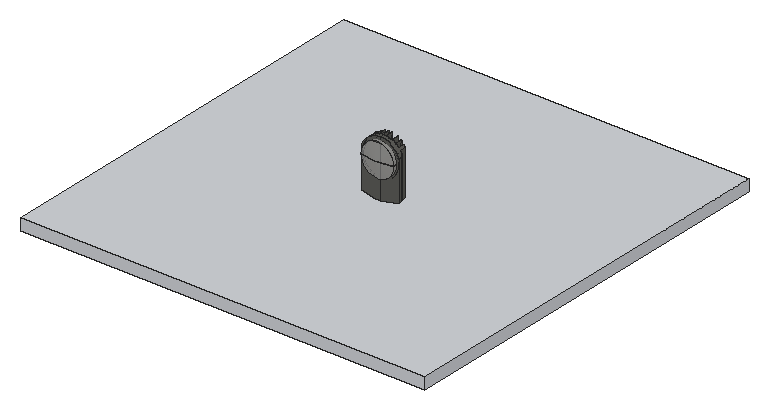
Revit family "SGD-50", category Lighting Fixtures, host Face, Revit 2014
Parameters (values of type "SGD-60")
  Width 1 = 5.000"
  Width = 11.630"
  Watts = 25 W
  Wattage Comments = "25W"
  Wattage = 25 W
  Warranty = "5 years Warranty"  # constant formula
  built-in parameter 1150110 = 1 (stored number, unit not read)
  Voltage = 120 V
  URL = "https://www.hubbell.com/hubbelloutdoorlighting/en"
  built-in parameter 1114217 = 1 (stored number, unit not read)
  Tilt Angle = 100.00°
  built-in parameter 1150109 = 1 (stored number, unit not read)
  built-in parameter 1150134 = 12
  built-in parameter 1150113 = 1 (stored number, unit not read)
  Reflector Finish = Hubbell - White Glass
  Power Factor = 1
  Pole height = 100.000"
  Pole = Paint - Hubbell - Metallic Bronze Textured
  Photometric Web File = "SGD-60-4K.ies"
  Model = "SGC"  # constant formula
  Manufacturer = "Hubbell Outdoor Lighting"  # constant formula
  built-in parameter 1150105 = 238.73 (stored number, unit not read)
  Lumens = 3000 lm
  built-in parameter 1150115 = 1 (stored number, unit not read)
  Load Classification = Lighting
  built-in parameter 1150137 = (empty or 0)
  built-in parameter 1150139 = (empty or 0)
  Length = 48.000"
  built-in parameter 1150112 = 1 (stored number, unit not read)
  built-in parameter 1150114 = 1 (stored number, unit not read)
  Lamp = "LED"  # constant formula
  built-in parameter 1150132 = (empty or 0)
  built-in parameter 1150102 = (empty or 0)
  built-in parameter 1150107 = 4000 (stored number, unit not read)
  built-in parameter 1150138 = (empty or 0)
  built-in parameter 1150106 = 2.3873 (stored number, unit not read)
  IP Rating = "IP65"  # constant formula
  Housing Material = Paint - Hubbell - Metallic Bronze Textured
  Head = Paint - Hubbell - White Texture
  Features = "Commercial grade LED canopy luminare for use in outdoor applications\r\nsuch a commercial building, retail, government and educational facilities\r\n• Low profile housing with a lightly diffused lens for reduced pixilation\r\nand glare\r\n• Available in three wattages; 25W, 40W and 60W\r\n• Two housing finishes including white and dark bronze"  # constant formula
  built-in parameter 1150104 = 11.148 (stored number, unit not read)
  built-in parameter 1150117 = (empty or 0)
  Description = "Sling Canopy"  # constant formula
  Default Elevation = 48.000"
  Copyright = "© 2020 Hubbell Outdoor Lighting, a division of Hubbell Lighting, Inc. Specifications subject to change without notice."  # constant formula
  Contact = "https://www.hubbell.com/hubbelloutdoorlighting/en/contactUs"
  Connector Description = "Lighting Connector"  # constant formula
  Color Filter = 16777215
  built-in parameter 1114216 [instance] = (empty or 0)
  Certifications = "CSA Certified, DLC Premium"  # constant formula
  built-in parameter 1114218 = 1 (stored number, unit not read)
  built-in parameter 1150133 = 10 (stored number, unit not read)
  Assembly Code = "D5020200"
  Apparent Load = Watts / Power Factor  # 25 VA
Types (3): name | Photometric Web File
  (no name) | "SGD-60-4K.ies"
  SGD-40 | "SGD-40-4K.ies"
  SGD-60 | "SGD-60-4K.ies"
Values of the unnamed type that differ from the named types
  built-in parameter 1150117 = SLING FAMILY - DUSK TO DAWN
Reference planes (in)
  plane 1 "Center (Front/Back)": y = 0
  plane 2: z = 18.25074
  plane 3 "Center (Left/Right)": x = 0
  plane 4: x = -4.55
  plane 5: x = 4.55
  plane 6: z = 118.25074
Forms (in)
  Extrusion 1, solid
    sketch origin (0, 0, 0) x (1, 0, 0) y (0, 1, 0)
      loop
        line (-48, 48) -> (-48, -48) -> (48, -48) -> (48, 48) -> (-48, 48)
    from 0 to -2.775
  Extrusion 2, solid, material "Paint - Hubbell - Metallic Bronze Textured" <- "Housing Material"
    sketch origin (0, -80.1495, -2.00215) x (1, 0, 0) y (0, 1, 0)
      loop
        line (-0.00189, 79.02897) -> (4.47255, 79.02897) -> (4.47255, 79.5914) -> (4.29277, 79.65684) -> (4.29277, 80.06009) -> (3.89276, 80.06009) -> (3.89276, 81.40132)
        arc (3.89276, 81.40132) -> (1.96028, 81.80702) -> (-0.01254, 81.89101) r 12.02611
        arc (-0.01254, 81.89101) -> (-1.98537, 81.80702) -> (-3.91785, 81.40132) r 12.02611
        line (-3.91785, 81.40132) -> (-3.91785, 80.06009) -> (-4.31786, 80.06009) -> (-4.31786, 79.65684) -> (-4.49764, 79.5914) -> (-4.49764, 79.02897) -> (-0.00189, 79.02897)
    from 0 to 16.1
  Extrusion 3, void
    sketch origin (0, -80.00775, -2.00215) x (1, 0, 0) y (0, 0, -1)
      loop
        line (-6.90258, 1.5526) -> (-6.90258, -4.17305)
        arc (-6.90258, -4.17305) -> (-0.24448, -2.00441) -> (6.34742, -4.36667) r 10.82082
        line (6.34742, -4.36667) -> (6.34742, 1.5526) -> (-6.90258, 1.5526)
    from 78.62853 to 82.32357
  Revolve 4, solid, material "Paint - Hubbell - White Texture" <- "Head"
    sketch origin (0, -80.13275, 5.39175) x (1, 0, 0) y (0, 1, 0)
      loop
        line (-0.01254, 81.94857) -> (1.60068, 81.94857) -> (1.60068, 82.44857) -> (1.44683, 82.44857) -> (1.44683, 83.8181)
        arc (1.44683, 83.8181) -> (0.72176, 83.94616) -> (-0.01254, 84.0003) r 7.2763
        line (-0.01254, 84.0003) -> (-0.01254, 81.94857)
      axis (-0.01254, 84.0003) -> (-0.01254, 81.94857)
    angle from 0 to 360
  Revolve 5, solid, material "Hubbell - White Glass" <- "Reflector Finish"
    sketch origin (0, -80.00775, 8.91974) x (1, 0, 0) y (0, 1, 0)
      loop
        line (0, 79.02897) -> (0, 77.5681)
        arc (0, 77.5681) -> (1.97419, 77.69602) -> (3.92842, 78.00393) r 21.61284
        line (3.92842, 78.00393) -> (3.92842, 78.92471) -> (4.30311, 78.92471) -> (4.30311, 79.02897) -> (0, 79.02897)
      axis (0, 79.02897) -> (0, 77.5681)
    angle from 0 to 360
  Extrusion 6, void
    sketch origin (0, -80.00775, -2.00215) x (1, 0, 0) y (0, 0, -1)
      loop
        line (-4.42811, -12.42189) -> (-5.42811, -12.42189) -> (-5.42811, -16.79689) -> (5.44689, -16.79689) -> (5.44689, -12.42189) -> (4.44689, -12.42189)
        arc (4.44689, -12.42189) -> (0.00939, -15.4697) -> (-4.42811, -12.42189) r 4.75432
    from 78.62853 to 84
  Extrusion 7, void
    sketch origin (0, -80.1495, -2.00215) x (1, 0, 0) y (0, 1, 0)
      loop
        line (-3.71675, 80.10295) -> (-3.03416, 80.10295) -> (-3.03416, 81.62807) -> (-3.03416, 81.77856) -> (-2.91371, 81.77856) -> (-2.91371, 80.10295) -> (-2.16371, 80.10295) -> (-2.16371, 81.7833) -> (-2.0143, 81.7833) -> (-2.0143, 80.10295) -> (-1.3558, 80.10295) -> (-1.3558, 82.10295) -> (-3.71675, 82.0205) -> (-3.71675, 80.10295)
      loop
        line (3.50515, 80.10295) -> (3.50515, 82.0205) -> (1.1442, 82.10295) -> (1.1442, 80.10295) -> (1.8027, 80.10295) -> (1.8027, 81.7833) -> (1.9521, 81.7833) -> (1.9521, 80.10295) -> (2.7021, 80.10295) -> (2.7021, 81.77856) -> (2.82256, 81.77856) -> (2.82256, 81.62807) -> (2.82256, 80.10295) -> (3.50515, 80.10295)
    from 6.27941 to 20
  Extrusion 8, void
    sketch origin (0, -80.1495, -2.00215) x (1, 0, 0) y (0, 1, 0)
      loop
        line (-1.23842, 82.04244) -> (-1.12072, 80.13103) -> (-0.51485, 80.13103) -> (-0.45574, 81.82357)
        arc (-0.45574, 81.82357) -> (-0.40415, 81.87517) -> (-0.35256, 81.82357) r 0.05159
        line (-0.35256, 81.82357) -> (-0.29231, 80.09829) -> (0.36013, 80.09829) -> (0.42003, 81.81374)
        arc (0.42003, 81.81374) -> (0.45903, 81.86587) -> (0.50721, 81.82209) r 0.04399
        line (0.50721, 81.82209) -> (0.56627, 80.13103) -> (1.22986, 80.13103) -> (1.29066, 81.87201) -> (1.29066, 82.04244) -> (-1.23842, 82.04244)
    from 9.20123 to 15.81884
  Extrusion 9, solid, material "Paint - Hubbell - Metallic Bronze Textured" <- "Housing Material", not visible
    sketch origin (0, 0, -0.14175) x (1, 0, 0) y (0, 0, 1)
      loop
        line (-0.00189, 79.02897) -> (4.47255, 79.02897) -> (4.47255, 79.5914) -> (4.29277, 79.65684) -> (4.29277, 80.06009) -> (3.89276, 80.06009) -> (3.89276, 81.40132)
        arc (3.89276, 81.40132) -> (1.96028, 81.80702) -> (-0.01254, 81.89101) r 12.02611
        arc (-0.01254, 81.89101) -> (-1.98537, 81.80702) -> (-3.91785, 81.40132) r 12.02611
        line (-3.91785, 81.40132) -> (-3.91785, 80.06009) -> (-4.31786, 80.06009) -> (-4.31786, 79.65684) -> (-4.49764, 79.5914) -> (-4.49764, 79.02897) -> (-0.00189, 79.02897)
    from 0 to 16.1
  Extrusion 10, void, not visible
    sketch origin (0, 0, 0) x (1, 0, 0) y (0, 1, 0)
      loop
        line (-6.90258, 1.5526) -> (-6.90258, -4.17305)
        arc (-6.90258, -4.17305) -> (-0.24448, -2.00441) -> (6.34742, -4.36667) r 10.82082
        line (6.34742, -4.36667) -> (6.34742, 1.5526) -> (-6.90258, 1.5526)
    from 78.62853 to 82.32357
  Revolve 11, solid, material "Paint - Hubbell - White Texture" <- "Head", not visible
    sketch origin (0, -7.3939, -0.125) x (1, 0, 0) y (0, 0, 1)
      loop
        line (-0.01254, 81.94857) -> (1.60068, 81.94857) -> (1.60068, 82.44857) -> (1.44683, 82.44857) -> (1.44683, 83.8181)
        arc (1.44683, 83.8181) -> (0.72176, 83.94616) -> (-0.01254, 84.0003) r 7.2763
        line (-0.01254, 84.0003) -> (-0.01254, 81.94857)
      axis (-0.01254, 84.0003) -> (-0.01254, 81.94857)
    angle from 0 to 360
  Revolve 12, solid, material "Hubbell - White Glass" <- "Reflector Finish", not visible
    sketch origin (0, -10.92189, 0) x (1, 0, 0) y (0, 0, 1)
      loop
        line (0, 79.02897) -> (0, 77.5681)
        arc (0, 77.5681) -> (1.97419, 77.69602) -> (3.92842, 78.00393) r 21.61284
        line (3.92842, 78.00393) -> (3.92842, 78.92471) -> (4.30311, 78.92471) -> (4.30311, 79.02897) -> (0, 79.02897)
      axis (0, 79.02897) -> (0, 77.5681)
    angle from 0 to 360
  Extrusion 13, void, not visible
    sketch origin (0, 0, 0) x (1, 0, 0) y (0, 1, 0)
      loop
        line (-4.42811, -12.42189) -> (-5.42811, -12.42189) -> (-5.42811, -16.79689) -> (5.44689, -16.79689) -> (5.44689, -12.42189) -> (4.44689, -12.42189)
        arc (4.44689, -12.42189) -> (0.00939, -15.4697) -> (-4.42811, -12.42189) r 4.75432
    from 78.62853 to 84
  Extrusion 14, void, not visible
    sketch origin (0, 0, -0.14175) x (1, 0, 0) y (0, 0, 1)
      loop
        line (-3.71675, 80.10295) -> (-3.03416, 80.10295) -> (-3.03416, 81.62807) -> (-3.03416, 81.77856) -> (-2.91371, 81.77856) -> (-2.91371, 80.10295) -> (-2.16371, 80.10295) -> (-2.16371, 81.7833) -> (-2.0143, 81.7833) -> (-2.0143, 80.10295) -> (-1.3558, 80.10295) -> (-1.3558, 82.10295) -> (-3.71675, 82.0205) -> (-3.71675, 80.10295)
      loop
        line (3.50515, 80.10295) -> (3.50515, 82.0205) -> (1.1442, 82.10295) -> (1.1442, 80.10295) -> (1.8027, 80.10295) -> (1.8027, 81.7833) -> (1.9521, 81.7833) -> (1.9521, 80.10295) -> (2.7021, 80.10295) -> (2.7021, 81.77856) -> (2.82256, 81.77856) -> (2.82256, 81.62807) -> (2.82256, 80.10295) -> (3.50515, 80.10295)
    from 6.27941 to 20
  Extrusion 15, void, not visible
    sketch origin (0, 0, -0.14175) x (1, 0, 0) y (0, 0, 1)
      loop
        line (-1.23842, 82.04244) -> (-1.12072, 80.13103) -> (-0.51485, 80.13103) -> (-0.45574, 81.82357)
        arc (-0.45574, 81.82357) -> (-0.40415, 81.87517) -> (-0.35256, 81.82357) r 0.05159
        line (-0.35256, 81.82357) -> (-0.29231, 80.09829) -> (0.36013, 80.09829) -> (0.42003, 81.81374)
        arc (0.42003, 81.81374) -> (0.45903, 81.86587) -> (0.50721, 81.82209) r 0.04399
        line (0.50721, 81.82209) -> (0.56627, 80.13103) -> (1.22986, 80.13103) -> (1.29066, 81.87201) -> (1.29066, 82.04244) -> (-1.23842, 82.04244)
    from 9.20123 to 15.81884
Cuts and joins
  Extrusion 3, Extrusion 6, Extrusion 7, Extrusion 8 cuts Extrusion 2
  Extrusion 7, Extrusion 8 cuts Revolve 4
Dimensions and locks (in)
  "Pole height": plane 6 to plane 2
  aligned and locked: level to Extrusion 1
Automatic sketch dimensions
  Extrusion 1 sketch curve to Extrusion 1 sketch curve = 96.000"  (x2)
  Extrusion 9 sketch curve to Extrusion 9 sketch curve = 0.17978"  (x2)
  Extrusion 9 sketch curve to Extrusion 9 sketch curve = 0.40001"  (x2)
  Extrusion 9 sketch curve to Extrusion 9 sketch curve = 4.00852"
  Extrusion 9 sketch curve to Extrusion 9 sketch curve = 3.91596"
  Extrusion 9 sketch curve to Extrusion 9 sketch curve = 0.95316"
  Extrusion 9 sketch curve to Extrusion 9 sketch curve = 3.89465"
  Extrusion 9 sketch curve to Extrusion 9 sketch curve = 0.000"
  Extrusion 9 sketch curve to Extrusion 9 sketch curve = 9.15463"
  Extrusion 9 sketch curve to Extrusion 9 sketch curve = 0.56243"  (x2)
  Extrusion 9 sketch curve to Extrusion 9 sketch curve = 0.06543"  (x2)
  Extrusion 9 sketch curve to Extrusion 9 sketch curve = 0.40326"  (x2)
  Extrusion 9 sketch curve to Extrusion 9 sketch curve = 1.34123"  (x2)
  Extrusion 10 sketch curve to Extrusion 10 sketch curve = 6.500"
  Extrusion 10 sketch curve to Extrusion 10 sketch curve = 13.250"
  Extrusion 10 sketch curve to Extrusion 10 sketch curve = 8.4574"
  Extrusion 10 sketch curve to Extrusion 10 sketch curve = 5.72566"
  Revolve 11 sketch curve to Revolve 11 sketch curve = 0.16714"  (x2)
  Revolve 11 sketch curve to Revolve 11 sketch curve = 1.45938"
  Revolve 11 sketch curve to Revolve 11 sketch curve = 0.15384"
  Revolve 11 sketch curve to Revolve 11 sketch curve = 5.22265"
  Revolve 11 sketch curve to Revolve 11 sketch curve = 0.500"
  Revolve 11 sketch curve to Revolve 11 sketch curve = 1.36952"
  Revolve 11 sketch curve to Revolve 11 sketch curve = 1.33491"
  Revolve 11 sketch curve to Revolve 11 sketch curve = 0.05756"
  Revolve 12 sketch curve to Revolve 12 sketch curve = 0.40899"
  Revolve 12 sketch curve to Revolve 12 sketch curve = 3.92842"
  Revolve 12 sketch curve to Revolve 12 sketch curve = 0.37469"
  Revolve 12 sketch curve to Revolve 12 sketch curve = 0.43583"
  Revolve 12 sketch curve to Revolve 12 sketch curve = 0.92078"
  Revolve 12 sketch curve to Revolve 12 sketch curve = 0.10427"
  Revolve 12 sketch curve to Revolve 12 sketch curve = 0.000"
  Revolve 12 sketch curve to Revolve 12 sketch curve = 6.125"
  Revolve 12 sketch curve to Revolve 12 sketch curve = 4.66412"
  Extrusion 13 sketch curve to Extrusion 13 sketch curve = 1.000"  (x2)
  Extrusion 13 sketch curve to Extrusion 13 sketch curve = 4.4375"  (x2)
  Extrusion 13 sketch curve to Extrusion 13 sketch curve = 4.375"
  Extrusion 13 sketch curve to Extrusion 13 sketch curve = 1.70651"
  Extrusion 14 sketch curve to Extrusion 14 sketch curve = 0.68259"  (x2)
  Extrusion 14 sketch curve to Extrusion 14 sketch curve = 0.12046"  (x2)
  Extrusion 14 sketch curve to Extrusion 14 sketch curve = 0.750"  (x2)
  Extrusion 14 sketch curve to Extrusion 14 sketch curve = 0.14941"  (x2)
  Extrusion 14 sketch curve to Extrusion 14 sketch curve = 0.6585"  (x2)
  Extrusion 14 sketch curve to Extrusion 14 sketch curve = 2.500"
  Extrusion 14 sketch curve to Extrusion 14 sketch curve = 0.000"  (x5)
  Extrusion 14 sketch curve to Extrusion 14 sketch curve = 1.52513"  (x2)
  Extrusion 14 sketch curve to Extrusion 14 sketch curve = 0.15049"  (x2)
  Extrusion 14 sketch curve to Extrusion 14 sketch curve = 0.00474"  (x2)
  Extrusion 14 sketch curve to Extrusion 14 sketch curve = 0.24194"  (x2)
  Extrusion 14 sketch curve to Extrusion 14 sketch curve = 0.31965"  (x2)
  Extrusion 15 sketch curve to Extrusion 15 sketch curve = 0.1177"
  Extrusion 15 sketch curve to Extrusion 15 sketch curve = 0.60587"
  Extrusion 15 sketch curve to Extrusion 15 sketch curve = 0.78268"
  Extrusion 15 sketch curve to Extrusion 15 sketch curve = 0.05159"
  Extrusion 15 sketch curve to Extrusion 15 sketch curve = 0.22254"
  Extrusion 15 sketch curve to Extrusion 15 sketch curve = 0.65244"
  Extrusion 15 sketch curve to Extrusion 15 sketch curve = 0.77259"
  Extrusion 15 sketch curve to Extrusion 15 sketch curve = 0.04319"
  Extrusion 15 sketch curve to Extrusion 15 sketch curve = 0.04399"
  Extrusion 15 sketch curve to Extrusion 15 sketch curve = 0.20614"
  Extrusion 15 sketch curve to Extrusion 15 sketch curve = 0.6636"
  Extrusion 15 sketch curve to Extrusion 15 sketch curve = 0.78345"
  Extrusion 15 sketch curve to Extrusion 15 sketch curve = 0.03274"  (x2)
  Extrusion 15 sketch curve to Extrusion 15 sketch curve = 1.68271"
  Extrusion 15 sketch curve to Extrusion 15 sketch curve = 0.00984"
  Extrusion 15 sketch curve to Extrusion 15 sketch curve = 0.04993"
  Extrusion 15 sketch curve to Extrusion 15 sketch curve = 0.21886"
  plane 4 to Extrusion 2 sketch curve = 0.05236"
  Extrusion 2 sketch curve to Extrusion 2 sketch curve = 0.17978"
  Extrusion 2 sketch curve to Extrusion 2 sketch curve = 0.40001"
  Extrusion 2 sketch curve to plane 3 "Center (Left/Right)" = 0.48912"
  Extrusion 2 sketch curve to plane 3 "Center (Left/Right)" = 0.00189"
  plane 3 "Center (Left/Right)" to Extrusion 2 sketch curve = 0.46403"
  Extrusion 2 sketch curve to plane 5 = 0.65724"
  Extrusion 2 sketch curve to plane 5 = 0.25723"
  Extrusion 2 sketch curve to plane 5 = 0.07745"
  Extrusion 2 sketch curve to Extrusion 2 sketch curve = 0.000"
  Extrusion 2 sketch curve to Extrusion 2 sketch curve = 0.56243"  (x2)
  Extrusion 2 sketch curve to Extrusion 2 sketch curve = 0.06543"  (x2)
  Extrusion 2 sketch curve to Extrusion 2 sketch curve = 0.40326"  (x2)
  Extrusion 2 sketch curve to Extrusion 2 sketch curve = 1.34123"  (x2)
  Extrusion 3 sketch curve to plane 4 = 2.35258"
  Extrusion 3 sketch curve to plane 3 "Center (Left/Right)" = 0.40258"
  plane 5 to Extrusion 3 sketch curve = 1.79742"
  Extrusion 3 sketch curve to Extrusion 3 sketch curve = 5.72566"
  Revolve 4 sketch curve to plane 3 "Center (Left/Right)" = 0.17968"
  Revolve 4 sketch curve to plane 3 "Center (Left/Right)" = 0.01254"  (x2)
  plane 3 "Center (Left/Right)" to Revolve 4 sketch curve = 1.44683"
  Revolve 4 sketch curve to Revolve 4 sketch curve = 0.15384"
  Revolve 4 sketch curve to Revolve 4 sketch curve = 5.22265"
  Revolve 4 sketch curve to Revolve 4 sketch curve = 0.500"
  Revolve 4 sketch curve to Revolve 4 sketch curve = 1.36952"
  Revolve 4 sketch curve to Revolve 4 sketch curve = 1.33491"
  Revolve 4 sketch curve to Revolve 4 sketch curve = 0.05756"
  Revolve 5 sketch curve to plane 3 "Center (Left/Right)" = 0.000"  (x2)
  Revolve 5 sketch curve to plane 3 "Center (Left/Right)" = 0.40899"
  Revolve 5 sketch curve to plane 5 = 0.62158"
  Revolve 5 sketch curve to plane 5 = 0.24689"
  Revolve 5 sketch curve to Revolve 5 sketch curve = 0.43583"
  Revolve 5 sketch curve to Revolve 5 sketch curve = 0.92078"
  Revolve 5 sketch curve to Revolve 5 sketch curve = 0.10427"
  Revolve 5 sketch curve to Revolve 5 sketch curve = 4.66412"
  Extrusion 6 sketch curve to plane 4 = 0.87811"
  plane 4 to Extrusion 6 sketch curve = 0.12189"
  plane 3 "Center (Left/Right)" to Extrusion 6 sketch curve = 0.00939"
  Extrusion 6 sketch curve to plane 5 = 0.10311"
  plane 5 to Extrusion 6 sketch curve = 0.89689"
  Extrusion 6 sketch curve to Extrusion 6 sketch curve = 4.375"
  plane 4 to Extrusion 7 sketch curve = 0.83325"
  Extrusion 7 sketch curve to Extrusion 7 sketch curve = 0.68259"  (x2)
  Extrusion 7 sketch curve to Extrusion 7 sketch curve = 0.12046"  (x2)
  Extrusion 7 sketch curve to Extrusion 7 sketch curve = 0.750"  (x2)
  Extrusion 7 sketch curve to Extrusion 7 sketch curve = 0.14941"  (x2)
  Extrusion 7 sketch curve to Extrusion 7 sketch curve = 0.6585"  (x2)
  plane 3 "Center (Left/Right)" to Extrusion 7 sketch curve = 1.1442"
  Extrusion 7 sketch curve to Extrusion 7 sketch curve = 0.000"  (x5)
  Extrusion 7 sketch curve to Extrusion 7 sketch curve = 1.52513"  (x2)
  Extrusion 7 sketch curve to Extrusion 7 sketch curve = 0.15049"  (x2)
  Extrusion 7 sketch curve to Extrusion 7 sketch curve = 0.00474"  (x2)
  Extrusion 7 sketch curve to Extrusion 7 sketch curve = 0.24194"  (x2)
  Extrusion 7 sketch curve to Extrusion 7 sketch curve = 0.31965"  (x2)
  Extrusion 8 sketch curve to plane 3 "Center (Left/Right)" = 1.23842"
  Extrusion 8 sketch curve to plane 3 "Center (Left/Right)" = 1.12072"
  Extrusion 8 sketch curve to plane 3 "Center (Left/Right)" = 0.51485"
  Extrusion 8 sketch curve to plane 3 "Center (Left/Right)" = 0.45574"
  Extrusion 8 sketch curve to Extrusion 8 sketch curve = 0.05159"
  Extrusion 8 sketch curve to Extrusion 8 sketch curve = 0.22254"
  plane 3 "Center (Left/Right)" to Extrusion 8 sketch curve = 0.36013"
  plane 3 "Center (Left/Right)" to Extrusion 8 sketch curve = 0.42003"
  Extrusion 8 sketch curve to Extrusion 8 sketch curve = 0.04319"
  Extrusion 8 sketch curve to Extrusion 8 sketch curve = 0.04399"
  Extrusion 8 sketch curve to Extrusion 8 sketch curve = 0.20614"
  Extrusion 8 sketch curve to Extrusion 8 sketch curve = 0.6636"
  Extrusion 8 sketch curve to Extrusion 8 sketch curve = 0.78345"
  Extrusion 8 sketch curve to Extrusion 8 sketch curve = 0.03274"  (x2)
  Extrusion 8 sketch curve to Extrusion 8 sketch curve = 1.68271"
  Extrusion 8 sketch curve to Extrusion 8 sketch curve = 0.00984"
  Extrusion 8 sketch curve to Extrusion 8 sketch curve = 0.04993"
  Extrusion 8 sketch curve to Extrusion 8 sketch curve = 0.21886"
  Extrusion 3 sketch curve to plane 6 = 107.42882"
  Extrusion 3 sketch curve to Extrusion 3 sketch curve = 8.4574"
  Extrusion 6 sketch curve to plane 6 = 103.456"
  Extrusion 6 sketch curve to Extrusion 6 sketch curve = 1.70651"
  plane 1 "Center (Front/Back)" to Extrusion 2 sketch curve = 10.27515"
  Extrusion 2 sketch curve to Extrusion 2 sketch curve = 9.15463"
  plane 1 "Center (Front/Back)" to Revolve 4 sketch curve = 3.40682"
  plane 1 "Center (Front/Back)" to Revolve 5 sketch curve = 2.43965"
  Revolve 5 sketch curve to Revolve 5 sketch curve = 6.125"
  plane 1 "Center (Front/Back)" to Extrusion 7 sketch curve = 0.04655"
  plane 1 "Center (Front/Back)" to Extrusion 8 sketch curve = 0.05121"
Types in the file's own list only (2): name | Width 1 | Width | Watts | Wattage Comments | Pole | Model | Length | Head | Features | Description | Default Elevation | Certifications | Apparent Load
  SGD-40-4K | 5.000 " | 11.630 " | 60 W | "60W" | Paint - Hubbell - Metallic Bronze Textured | "SGD-50" | 48.000 " | SGD : SGD-40 | "Multi-purpose dusk-to-dawn LED luminare provides general purpose\r\narea, security, roadway and landscape lighting\r\n• Low profile housing with zero uplight design for environmentally\r\nfriendly installations\r\n• Includes arm and photocontrol for automatic off during daylight hours\r\n• Clamp for 1-5/8 inch to 2-3/8 inch diameter pipe" | "SLING FAMILY - DUSK TO DAWN" | 48.000 " | "Listed to UL1598 for use in wet locations" | 60 VA
  SGD-60-4K | 5.000 " | 11.630 " | 60 W | "60W" | <By Category> | "SGD-50" | 48.000 " | SGD : SGD-60 | "Multi-purpose dusk-to-dawn LED luminare provides general purpose\r\narea, security, roadway and landscape lighting\r\n• Low profile housing with zero uplight design for environmentally\r\nfriendly installations\r\n• Includes arm and photocontrol for automatic off during daylight hours\r\n• Clamp for 1-5/8 inch to 2-3/8 inch diameter pipe" | "SLING FAMILY - DUSK TO DAWN" | 48.000 " | "Listed to UL1598 for use in wet locations" | 60 VA
